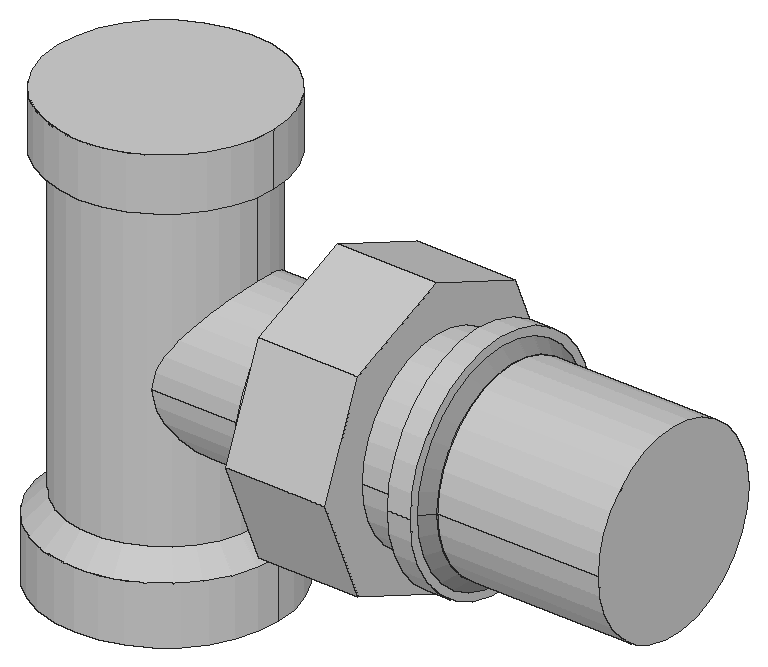
Revit family "PA_Арматура трубопроводов [клапан настроечный угловой c самоуплотняющимся полусгоном и переходом на «евроконус», VT.019.NER]12 - VALTEC", category Арматура трубопроводов, Revit 2018
Family settings
  Размер круглого соединителя = Использовать диаметр
  Тип детали = Вставляется
  На основе рабочей плоскости = Нет
  Всегда вертикально = Да
  При загрузке вырезать с полостями = Нет
  Общий = Нет
Parameters (values of type "VT.019.NER")
  Таблица 2 = "PA_Арматура трубопроводов [клапан настроечный угловой c самоуплотняющимся полусгоном и переходом на «евроконус», VT.019.NER] - VALTEC - Таблица 2"  # constant formula
  Таблица 1 = "PA_Арматура трубопроводов [клапан настроечный угловой c самоуплотняющимся полусгоном и переходом на «евроконус», VT.019.NER] - VALTEC - Таблица 1"  # constant formula
  Материал доп.1 = Черный - VALTEC
  Изготовитель = "VALTEC"  # constant formula
  d9 [instance] = size_lookup(Таблица 1, "d9", 0 mm, G1, G2)  # 21.2 mm
  d8 [instance] = size_lookup(Таблица 1, "d8", 0 mm, G1, G2)  # 22.8 mm
  d7 [instance] = size_lookup(Таблица 1, "d7", 0 mm, G1, G2)  # 18.8 mm
  d6 [instance] = size_lookup(Таблица 1, "d6", 0 mm, G1, G2)  # 28 mm
  b7 [instance] = size_lookup(Таблица 1, "b7", 0 mm, G1, G2)  # 1.1 mm
  b6 [instance] = size_lookup(Таблица 1, "b6", 0 mm, G1, G2)  # 2.3 mm
  b5 [instance] = size_lookup(Таблица 1, "b5", 0 mm, G1, G2)  # 4.2 mm
  b4 [instance] = size_lookup(Таблица 1, "b4", 0 mm, G1, G2)  # 9.9 mm
  b3 [instance] = size_lookup(Таблица 1, "b3", 0 mm, G1, G2)  # 1.1 mm
  a5 [instance] = size_lookup(Таблица 1, "a5", 0 mm, G1, G2)  # 5.5 mm
  a4 [instance] = size_lookup(Таблица 1, "a4", 0 mm, G1, G2)  # 27.2 mm
  G2 [instance] = 15 mm
  G1 [instance] = 20 mm
  C [instance] = size_lookup(Таблица 1, "C", 0 mm, G1, G2)  # 22 mm
  B [instance] = size_lookup(Таблица 1, "B", 0 mm, G1, G2)  # 51 mm
  b2 [instance] = size_lookup(Таблица 1, "b2", 0 mm, G1, G2)  # 2 mm
  d5 [instance] = size_lookup(Таблица 1, "d5", 0 mm, G1, G2)  # 23.2 mm
  d4 [instance] = size_lookup(Таблица 1, "d4", 0 mm, G1, G2)  # 15.8 mm
  d3 [instance] = size_lookup(Таблица 1, "d3", 0 mm, G1, G2)  # 21.7 mm
  d2 [instance] = size_lookup(Таблица 1, "d2", 0 mm, G1, G2)  # 18.6 mm
  d1 [instance] = size_lookup(Таблица 1, "d1", 0 mm, G1, G2)  # 22.8 mm
  A [instance] = size_lookup(Таблица 1, "A", 0 mm, G1, G2)  # 44 mm
  b1 [instance] = size_lookup(Таблица 1, "b1", 0 mm, G1, G2)  # 14.2 mm
  a3 [instance] = size_lookup(Таблица 1, "a3", 0 mm, G1, G2)  # 3.6 mm
  a2 [instance] = size_lookup(Таблица 1, "a2", 0 mm, G1, G2)  # 2.1 mm
  a1 [instance] = size_lookup(Таблица 1, "a1", 0 mm, G1, G2)  # 5.8 mm
  URL = "https://valtec.ru/"
  ADSK_Расход жидкости [instance] = 0.0 L/s
  ADSK_Примечание [instance] = ""
  ADSK_Потеря давления жидкости [instance] = 0.0 Pa
  ADSK_Позиция [instance] = ""
  ADSK_Обозначение [instance] = "VT.019.NER"  # constant formula
  ADSK_Наименование [instance] = size_lookup(Таблица 1, "", "Данный типоразмер отсутствует", G1, G2)  # "Клапан настроечный угловой c самоуплотняющимся полусгоном и переходом на «евроконус», 1/2 x 3/4\""
  ADSK_Материал = Сталь, нержавеющая - VALTEC
  ADSK_Масса [instance] = if(G1 = 20 mm, 191, 0)  # 191
  ADSK_Марка [instance] = size_lookup(Таблица 2, "", "Данный типоразмер отсутствует", G1, G2)  # "VT.019.NER.04"
  ADSK_Код изделия [instance] = size_lookup(Таблица 2, "", "Данный типоразмер отсутствует", G1, G2)  # "VT.019.NER.04"
  ADSK_Завод-изготовитель [instance] = Изготовитель  # "VALTEC"
  ADSK_Единица измерения [instance] = "шт."  # constant formula
  ADSK_URL страницы изделия = "https://valtec.ru/catalog/radiatornaya_armatura/ruchnye_klapany_dlya_radiatorov/klapan_nastroechnyj_uglovoj_s_samouplotnyayushimsya_polusgonom_i_perehodom_na_evrokonus.html"
  ADSK_URL документации изделия = "https://valtec.ru/document/technical/VT.019-020-n-nr-ner-0119.pdf"
Reference planes
  plane 1 "По центру (Вперед/Назад)": y = 0
  plane 2: z = 0
  plane 3 "По центру (Влево/Вправо)": x = 0
  plane 4: z = 22
  plane 5: z = -22
  plane 6: x = 51
  plane 7: z = -16.2
  plane 8: z = -14.1
  plane 9: z = -10.5
  plane 10: z = 16.7
  plane 11: x = 14.2
  plane 12: x = 16.2
  plane 13: x = 17.3
  plane 14: x = 27.2
  plane 15: x = 31.4
  plane 16: x = 33.7
  plane 17: x = 34.8
Forms (mm)
  Blend 1, solid, material "Сталь, нержавеющая - VALTEC" <- "ADSK_Материал", detail levels medium+fine
    base sketch origin (0, 0, 0) x (1, 0, 0) y (0, 1, 0)
      loop
        circle (0, 0) r 11.4
    top sketch origin (0, 0, 0) x (1, 0, 0) y (0, 1, 0)
      loop
        circle (0, 0) r 9.3
    from -16.2 to -14.1
  Extrusion 2, solid, material "Сталь, нержавеющая - VALTEC" <- "ADSK_Материал", detail levels medium+fine
    sketch origin (0, 0, 0) x (1, 0, 0) y (0, 1, 0)
      loop
        circle (0, 0) r 9.3
    from -14.1 to 16.7
  Extrusion 3, solid, material "Сталь, нержавеющая - VALTEC" <- "ADSK_Материал", detail levels medium+fine
    sketch origin (0, 0, 0) x (1, 0, 0) y (0, 1, 0)
      loop
        circle (0, 0) r 10.85
    from 16.7 to 22
  Extrusion 4, solid, material "Сталь, нержавеющая - VALTEC" <- "ADSK_Материал", detail levels medium+fine
    sketch origin (0, 0, 0) x (0, 1, 0) y (0, 0, 1)
      loop
        circle (0, 0) r 7.9
    from 0 to 14.2
  Extrusion 5, solid, material "Сталь, нержавеющая - VALTEC" <- "ADSK_Материал", detail levels medium+fine
    sketch origin (0, 0, 0) x (0, 1, 0) y (0, 0, 1)
      loop
        circle (0, 0) r 11.6
    from 16.2 to 17.3
  Blend 6, solid, material "Сталь, нержавеющая - VALTEC" <- "ADSK_Материал", detail levels medium+fine
    base sketch origin (0, 0, 0) x (0, 1, 0) y (0, 0, 1)
      loop
        circle (0, 0) r 7.9
    top sketch origin (0, 0, 0) x (0, 1, 0) y (0, 0, 1)
      loop
        circle (0, 0) r 11.6
    from 14.2 to 16.2
  Extrusion 7, solid, material "Сталь, нержавеющая - VALTEC" <- "ADSK_Материал", detail levels medium+fine
    sketch origin (0, 0, 0) x (0, 1, 0) y (0, 0, 1)
      loop
        circle (0, 0) r 9.4
    from 27.2 to 31.4
  Extrusion 8, solid, material "Сталь, нержавеющая - VALTEC" <- "ADSK_Материал", detail levels medium+fine
    sketch origin (0, 0, 0) x (0, 1, 0) y (0, 0, 1)
      loop
        circle (0, 0) r 9.4
    from 34.8 to 51
  Extrusion 9, solid, material "Сталь, нержавеющая - VALTEC" <- "ADSK_Материал", detail levels medium+fine
    sketch origin (0, 0, 0) x (0, 1, 0) y (0, 0, 1)
      loop
        circle (0, 0) r 11.4
    from 31.4 to 33.7
  Blend 10, solid, material "Черный - VALTEC" <- "Материал доп.1", detail levels medium+fine
    base sketch origin (0, 0, 0) x (0, 1, 0) y (0, 0, 1)
      loop
        circle (0, 0) r 10.6
    top sketch origin (0, 0, 0) x (0, 1, 0) y (0, 0, 1)
      loop
        circle (0, 0) r 9.4
    from 33.7 to 34.8
  Extrusion 11, solid, material "Сталь, нержавеющая - VALTEC" <- "ADSK_Материал", detail levels medium+fine
    sketch origin (0, 0, 0) x (1, 0, 0) y (0, 1, 0)
      loop
        circle (0, 0) r 11.4
    from -22 to -16.2
Cuts and joins
  joined: Blend 1, Extrusion 2, Extrusion 3, Extrusion 4, Extrusion 5, Blend 6, Extrusion 7, Extrusion 8, Extrusion 9, Extrusion 11
Lines and regions (mm)
  reference lines
    curve 1: line (0, 0, -22) -> (0, 0, 0)
    curve 2: line (0, 0, 0) -> (34.8, 0, 0)
  model lines, detail levels coarse
    curve 3: line (15, 0, -22) -> (-15, 0, -22)
    curve 4: line (22, 0, -15) -> (22, 0, 15)
    curve 5: line (-15, 0, -22) -> (0, 0, 0)
    curve 6: line (15, 0, -22) -> (0, 0, 0)
    curve 7: line (22, 0, -15) -> (0, 0, 0)
    curve 8: line (22, 0, 15) -> (0, 0, 0)
    curve 9: line (22, 0, 0) -> (51, 0, 0)
  symbolic lines, detail levels coarse
    curve 10: line (-15, -22, 0) -> (15, -22, 0)
    curve 11: line (22, 15, 0) -> (22, -15, 0)
    curve 12: line (-15, -22, 0) -> (0, 0, 0)
    curve 13: line (0, 0, 0) -> (15, -22, 0)
    curve 14: line (22, -15, 0) -> (0, 0, 0)
    curve 15: line (22, 15, 0) -> (0, 0, 0)
Dimensions and locks
  "C": plane 2 to plane 5
  "A": plane 4 to plane 5
  "B": plane 6 to plane 3 "По центру (Влево/Вправо)"
  "a1": plane 7 to plane 5
  "a2": plane 8 to plane 7
  "a3": plane 9 to plane 8
  "a4": plane 10 to plane 9
  "b1": plane 11 to plane 3 "По центру (Влево/Вправо)"
  "b2": plane 11 to plane 12
  "b3": plane 12 to plane 13
  "b4": plane 13 to plane 14
  "b5": plane 14 to plane 15
  "b6": plane 15 to plane 16
  "b7": plane 16 to plane 17
  curve 3 to plane 3 "По центру (Влево/Вправо)" to curve 3 = 15 mm locked, 15 mm locked
  curve 4 to level to curve 4 = 15 mm locked, 15 mm locked
  "C": curve 4 to plane 3 "По центру (Влево/Вправо)"
  "C": plane 3 "По центру (Влево/Вправо)" to curve 11
  "C": curve 10 to plane 1 "По центру (Вперед/Назад)"
  curve 12 to plane 3 "По центру (Влево/Вправо)" to curve 13 = 15 mm locked, 15 mm locked
  curve 14 to plane 1 "По центру (Вперед/Назад)" to curve 15 = 15 mm locked, 15 mm locked
  "d1": diameter of Blend 1 sketch curve
  "d2": diameter of Blend 1 sketch curve
  "d2": diameter of Extrusion 2 sketch curve
  "d3": diameter of Extrusion 3 sketch curve
  "d4": diameter of Extrusion 4 sketch curve
  "d5": diameter of Extrusion 5 sketch curve
  "d4": diameter of Blend 6 sketch curve
  "d5": diameter of Blend 6 sketch curve
  "d7": diameter of Extrusion 7 sketch curve
  "d7": diameter of Extrusion 8 sketch curve
  "d8": diameter of Extrusion 9 sketch curve
  "d9": diameter of Blend 10 sketch curve
  "d7": diameter of Blend 10 sketch curve
  "d1": diameter of Extrusion 11 sketch curve
  aligned and locked: level to plane 2
  aligned and locked: plane 3 "По центру (Влево/Вправо)" to Blend 1 sketch curve  (x2)
  aligned and locked: plane 1 "По центру (Вперед/Назад)" to Blend 1 sketch curve  (x2)
  aligned and locked: plane 1 "По центру (Вперед/Назад)" to Extrusion 2 sketch curve
  aligned and locked: plane 3 "По центру (Влево/Вправо)" to Extrusion 2 sketch curve
  aligned and locked: plane 1 "По центру (Вперед/Назад)" to Extrusion 3 sketch curve
  aligned and locked: plane 3 "По центру (Влево/Вправо)" to Extrusion 3 sketch curve
  aligned and locked: Blend 1 to plane 8
  aligned and locked: plane 7 to Blend 1
  aligned and locked: plane 8 to Extrusion 2
  aligned and locked: Extrusion 2 to plane 10
  aligned and locked: plane 10 to Extrusion 3
  aligned and locked: plane 4 to Extrusion 3
  aligned and locked: plane 1 "По центру (Вперед/Назад)" to Extrusion 4 sketch curve
  aligned and locked: level to Extrusion 4 sketch curve
  aligned and locked: level to Extrusion 5 sketch curve
  aligned and locked: plane 1 "По центру (Вперед/Назад)" to Extrusion 5 sketch curve
  aligned and locked: level to Blend 6 sketch curve  (x2)
  aligned and locked: plane 1 "По центру (Вперед/Назад)" to Blend 6 sketch curve  (x2)
  aligned and locked: Extrusion 4 to plane 3 "По центру (Влево/Вправо)"
  aligned and locked: Extrusion 4 to plane 11
  aligned and locked: plane 11 to Blend 6
  aligned and locked: Blend 6 to plane 12
  aligned and locked: plane 12 to Extrusion 5
  aligned and locked: Extrusion 5 to plane 13
  aligned and locked: plane 1 "По центру (Вперед/Назад)" to nested 1
  aligned and locked: plane 13 to nested 1
  aligned and locked: plane 1 "По центру (Вперед/Назад)" to Extrusion 7 sketch curve
  aligned and locked: level to Extrusion 7 sketch curve
  aligned and locked: level to Extrusion 8 sketch curve
  aligned and locked: plane 1 "По центру (Вперед/Назад)" to Extrusion 8 sketch curve
  aligned and locked: plane 1 "По центру (Вперед/Назад)" to Extrusion 9 sketch curve
  aligned and locked: level to Extrusion 9 sketch curve
  aligned and locked: plane 14 to Extrusion 7
  aligned and locked: plane 17 to Extrusion 8
  aligned and locked: Extrusion 7 to plane 15
  aligned and locked: plane 15 to Extrusion 9
  aligned and locked: Extrusion 9 to plane 16
  aligned and locked: Extrusion 8 to plane 6
  aligned and locked: level to Blend 10 sketch curve  (x2)
  aligned and locked: plane 1 "По центру (Вперед/Назад)" to Blend 10 sketch curve  (x2)
  aligned and locked: plane 16 to Blend 10
  aligned and locked: Blend 10 to plane 17
  aligned and locked: plane 3 "По центру (Влево/Вправо)" to curve 2
  aligned and locked: plane 17 to curve 2
  aligned and locked: level to curve 1
  aligned and locked: plane 5 to curve 1
  aligned and locked: plane 3 "По центру (Влево/Вправо)" to curve 1
  aligned and locked: curve 3 to plane 5
  aligned and locked: curve 4 to curve 9
  aligned and locked: plane 6 to curve 9
  aligned and locked: curve 9 to level
  aligned and locked: plane 1 "По центру (Вперед/Назад)" to Extrusion 11 sketch curve
  aligned and locked: plane 3 "По центру (Влево/Вправо)" to Extrusion 11 sketch curve
  aligned and locked: Extrusion 11 to plane 7
  aligned and locked: plane 5 to Extrusion 11
Automatic sketch dimensions
  curve 7 to level = 0 mm
  curve 7 to plane 3 "По центру (Влево/Вправо)" = 0 mm
  plane 1 "По центру (Вперед/Назад)" to curve 15 = 0 mm
  curve 15 to plane 3 "По центру (Влево/Вправо)" = 0 mm
Nested families
  nested 1: "Гайка - горизонталь" at (22.25, 0, 0), d3 <- "d6", B <- "b4", ADSK_Материал <- "ADSK_Материал", type "Гайка - горизонталь", detail levels medium+fine
    with hr 25.869 mm, d3 28 mm, B 9.9 mm, ADSK_Материал Сталь, нержавеющая - VALTEC
Connectors
  piping at (34.8, 0, 0), diameter 15, driven by "G2", driven by "ADSK_Расход жидкости", driven by "ADSK_Потеря давления жидкости"
    settings: on curve 2, index 1, connector inside diameter 609.6 mm, connector length 0 mm, flow factor 0, pipe flow 0.0 L/s, pressure drop 0.0 Pa, fitting loss kfactor 0, connector angle 0.00°, fixture units 0, engagement length 0 mm, angle of deflection 0.00°, flow configuration 0, flow direction 0, fitting loss method 4, system type 29, joint type 0, gender type 0, connector reference index 2, connector utility 0, adjustable connector no, is connector primary yes, connector description ""
  piping at (0, 0, -22), diameter 20, driven by "G1", driven by "ADSK_Расход жидкости"
    settings: on curve 1, index 2, connector inside diameter 609.6 mm, connector length 0 mm, flow factor 0, pipe flow 0.0 L/s, pressure drop 0.0 Pa, fitting loss kfactor 0, connector angle 0.00°, fixture units 0, engagement length 0 mm, angle of deflection 0.00°, flow configuration 0, flow direction 0, fitting loss method 0, system type 29, joint type 0, gender type 0, connector reference index 1, connector utility 0, adjustable connector no, is connector primary no, connector description ""
Definition of nested family "Гайка - горизонталь"
  Parameters (values of type "Гайка - горизонталь")
    hr [instance] = d3 / 2 * cos(180.00° / 8) * 2  # 588.881 mm
    d3 [instance] = 637.4 mm
    B [instance] = 637.4 mm
    ADSK_Материал [instance] = none
  Reference planes
    plane 1 "По центру (Вперед/Назад)": y = 0
    plane 2: z = 0
    plane 3 "По центру (Влево/Вправо)": x = 0
    plane 4: y = 318.7
    plane 5: y = -318.7
    plane 6: through (0, -912.519, 2972.425) normal (0, -0.9239, -0.3827)
    plane 7: through (0, -1234.338, 2979.956) normal (0, -0.9239, -0.3827)
    plane 8: through (0, -1556.157, 2987.486) normal (0, -0.9239, -0.3827)
    plane 9: through (0, 1234.338, 2979.956) normal (0, -0.9239, 0.3827)
    plane 10: through (0, -2420.114, 1321.144) normal (0, -0.3827, -0.9239)
    plane 11: through (0, -2532.792, 1049.117) normal (0, -0.3827, -0.9239)
    plane 12: through (0, -2645.469, 777.089) normal (0, -0.3827, -0.9239)
    plane 13: through (0, 2420.114, 1321.144) normal (0, -0.3827, 0.9239)
    plane 14: through (0, 2532.792, 1049.117) normal (0, -0.3827, 0.9239)
    plane 15: through (0, 2645.469, 777.089) normal (0, -0.3827, 0.9239)
    plane 16: through (0, 912.519, 2972.425) normal (0, -0.9239, 0.3827)
    plane 17: through (0, 1234.338, 2979.956) normal (0, -0.9239, 0.3827)
    plane 18: through (0, 1556.157, 2987.486) normal (0, -0.9239, 0.3827)
    plane 19: x = 318.7
    plane 20: x = -318.7
  Forms (mm)
    Extrusion 1, solid, material <- "ADSK_Материал"
      sketch origin (0, 0, 0) x (0, 1, 0) y (0, 0, 1)
        loop
          line (0, 318.7) -> (-225.355, 225.355) -> (-318.7, 0) -> (-225.355, -225.355) -> (0, -318.7) -> (225.355, -225.355) -> (318.7, 0) -> (225.355, 225.355) -> (0, 318.7)
      from -318.7 to 318.7
  Dimensions and locks
    equal spacing: plane 4, plane 1 "По центру (Вперед/Назад)", plane 5
    "d3": plane 4 to plane 5
    equal spacing: plane 8, plane 7, plane 6
    "hr": plane 8 to plane 6
    equal spacing: plane 12, plane 11, plane 10
    "hr": plane 12 to plane 10
    equal spacing: plane 15, plane 14, plane 13
    "hr": plane 15 to plane 13
    equal spacing: plane 18, plane 17, plane 16
    "hr": plane 18 to plane 16
    equal spacing: plane 20, plane 3 "По центру (Влево/Вправо)", plane 19
    "B": plane 20 to plane 19
    aligned and locked: level to plane 2
    aligned and locked: plane 10 to Extrusion 1 sketch curve
    aligned and locked: plane 13 to Extrusion 1 sketch curve
    aligned and locked: plane 16 to Extrusion 1 sketch curve
    aligned and locked: Extrusion 1 sketch curve to plane 8
    aligned and locked: Extrusion 1 sketch curve to plane 12
    aligned and locked: Extrusion 1 sketch curve to plane 15
    aligned and locked: Extrusion 1 sketch curve to plane 18
    aligned and locked: plane 6 to Extrusion 1 sketch curve
    aligned and locked: plane 19 to Extrusion 1
    aligned and locked: plane 20 to Extrusion 1
    aligned and locked: Extrusion 1 to plane 19
